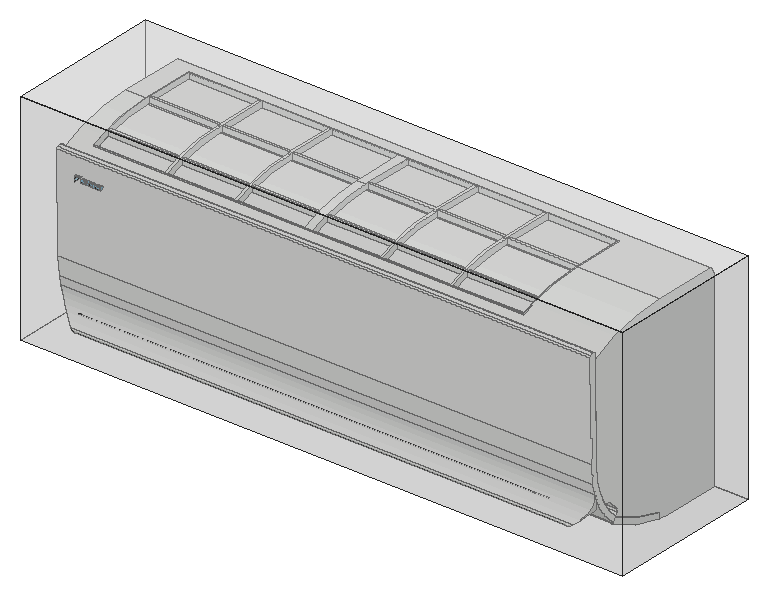
Revit family "outputfile", category 機械設備, Revit 2024
Family settings
  丸型コネクタ寸法 = 半径を使用
  パーツ タイプ = 標準
  OmniClass 番号 = 23.75.10.24.21.27.27
  OmniClass タイトル = Split System Air Conditioning Units
  作業面ベース = いいえ
  常に垂直 = はい
  ロード時にボイドで切り取り = いいえ
  注釈の向きを維持 = いいえ
  共有 = いいえ
  部屋計算ポイント = いいえ
Parameters (values of type "FTKQ18XV2S")
  Description = ""
  製造元 = "Daikin"
  書き出し IFC クラス(タイプ) = "IfcUnitaryEquipmentType"
  定義済み IFC タイプ(タイプ) = "AIRCONDITIONINGUNIT"
  Cost = 0
  モデル = "FTKQ18XV2S"
  Type Comments = ""
  Keynote = ""
  Type Image = (empty or 0)
  Assembly Code = ""
  switch_frequency = yes
  r_Liquid Pipe Size = Liquid Pipe Size / 2  # 3.2 mm
  r_Gas Pipe Size = Gas Pipe Size / 2  # 6.35 mm
  r_Drain Pipe Size = Drain Pipe Size / 2  # 8.0 mm
  lw_powersupply [instance] = if(or(Right Connection_refrigerant, Left Connection_refrigerant), 348.0 mm, if(or(Rear Right Connection_refrigerant, Bottom Right Connection_refrigerant), 30.0 mm, 740.0 mm))  # 348.0 mm
  lw_liquidpipe [instance] = if(or(Right Connection_refrigerant, Left Connection_refrigerant), 433.0 mm, if(or(Rear Right Connection_refrigerant, Bottom Right Connection_refrigerant), 40.0 mm, 730.0 mm))  # 433.0 mm
  lw_gaspipe [instance] = if(or(Right Connection_refrigerant, Left Connection_refrigerant), 393.0 mm, if(or(Rear Right Connection_refrigerant, Bottom Right Connection_refrigerant), 55.0 mm, 715.0 mm))  # 393.0 mm
  lw_drainpipe [instance] = if(or(Right Connection_refrigerant, Left Connection_refrigerant), 488.0 mm, if(or(Rear Right Connection_refrigerant, Bottom Right Connection_refrigerant), 55.0 mm, 715.0 mm))  # 488.0 mm
  l_powersupply_length [instance] = if(Right Connection_refrigerant, 348.0 mm, if(Left Connection_refrigerant, 422.0 mm, if(or(Rear Left Connection_refrigerant, Rear Right Connection_refrigerant), 20.0 mm, 50.0 mm)))  # 348.0 mm
  l_liquidpipe_length [instance] = if(Right Connection_refrigerant, 433.0 mm, if(Left Connection_refrigerant, 337.0 mm, if(or(Rear Left Connection_refrigerant, Rear Right Connection_refrigerant), 40.0 mm, 35.0 mm)))  # 433.0 mm
  l_gaspipe_length [instance] = if(Right Connection_refrigerant, 393.0 mm, if(Left Connection_refrigerant, 377.0 mm, if(or(Rear Left Connection_refrigerant, Rear Right Connection_refrigerant), 40.0 mm, 50.0 mm)))  # 393.0 mm
  l_drainpipe_length [instance] = if(Right Connection_refrigerant, 488.0 mm, if(Left Connection_refrigerant, 282.0 mm, if(or(Rear Left Connection_refrigerant, Rear Right Connection_refrigerant), 20.0 mm, 25.0 mm)))  # 488.0 mm
  h*** = 0.0 mm  # constant formula
  connector_voltage = Voltage_50Hz  # 220 V
  connector_powerinput = [Power Input (Cooling)]  # 0.000 kW
  connector_phase = Phase_50Hz  # 1
  angle_vertical [instance] = if(or(Bottom Left Connection_refrigerant, Bottom Right Connection_refrigerant), 0.00°, 90.00°)  # 90.00°
  angle_horizontal [instance] = if(Right Connection_refrigerant, 90.00°, if(Left Connection_refrigerant, -90.00°, if(or(Rear Left Connection_refrigerant, Rear Right Connection_refrigerant), 180.00°, 0.00°)))  # 90.00°
  Width = 770.0 mm
  Voltage_comment_50Hz = "220 - 240"
  Voltage_50Hz = 220 V
  Version = "ver.1.0"
  Unit Type = "Wall Mounted"
  Unit Mass Weight = 9.00 kg
  Unit Designation [instance] = ""
  Uniclass2015Version = "Products v1.30"
  Uniclass2015Title = "Split coil room air conditioning units"
  Uniclass2015Code = "Pr_70_65_03_86"
  URL = ""
  Total Cooling Capacity [instance] = 0.000 kW
  Sound Pressure Level_M speed (dBA) = 40
  Sound Pressure Level_L speed (dBA) = 35
  Sound Pressure Level_H speed (dBA) = 44
  Sound Power Level_H speed (dB) = 0
  Series = "Single Split_Fan Coil Unit"
  Sensible Cooling Capacity [instance] = 0.000 kW
  Refrigerant Type = "R32"
  Power Input (Cooling) = 0.000 kW
  Phase_50Hz = 1
  Option Accessory 3 [instance] = ""
  Option Accessory 2 [instance] = ""
  Option Accessory 1 [instance] = ""
  Nominal Cooling Capacity = 5.300 kW
  Minimum Circuit Amps_50Hz = 0.0 A
  Minimum Airflow = 516.00 m³/h
  Median Airflow = 636.00 m³/h
  Maximum Fuse Amps_50Hz = 0.0 A
  Maximum Airflow = 774.00 m³/h
  Material_Casing = DAIKIN_PureWhite_Casing_indoorunit
  Load Classification = HVAC
  Liquid Pipe Size = 6.4 mm
  Link_Nested Family [instance] = ""
  IfcVersion = ""
  IfcExportType = "AIRCONDITIONINGUNIT"
  IfcExportAs = "IfcUnitaryEquipmentType"
  Height = 285.0 mm
  Heat Exchanger Type = "Cross Fin Coil"
  Gas Pipe Size = 12.7 mm
  Frequency_50Hz = 50 Hz
  Fan Type = "Cross Flow Fan"
  Fan Drive = "Direct Drive"
  FCU Tag No. [instance] = ""
  Drain Pipe Size = 16.0 mm
  Design Supply Airflow [instance] = 0.00 m³/h
  Depth = 226.0 mm
  既定の高さ = 0.0 mm
  Cooling Entering Wet Bulb Temperature [instance] = 0.00 °C
  Cooling Entering Dry Bulb Temperature [instance] = 0.00 °C
  Cooling Ambient Wet Bulb Temperature [instance] = 0.00 °C
  Cooling Ambient Dry Bulb Temperature [instance] = 0.00 °C
  Clearance visibility [instance] = yes
  Clearance Top = 30.0 mm
  Clearance Right = 50.0 mm
  Clearance Rear = 0.0 mm
  Clearance Left = 50.0 mm
  Clearance Front = 0.0 mm
  Clearance Bottom = 0.0 mm
  Bottom Right Connection_refrigerant [instance] = no
  Bottom Left Connection_refrigerant [instance] = no
  Rear Right Connection_refrigerant [instance] = no
  Rear Left Connection_refrigerant [instance] = no
  Right Connection_refrigerant [instance] = yes
  Left Connection_refrigerant [instance] = no
Reference planes
  plane 1 "Back": y = 0
  plane 2: z = 0
  plane 3 "Center (Left/Right)": x = 0
  plane 4: y = -133
  plane 5: y = -266
  plane 6 "Left": x = -385
  plane 7 "Right": x = 385
  plane 8 "Top": z = 0
  plane 9: y = 0
  plane 10: z = -285
  plane 11 "Clearance Front": y = -226
  plane 12 "Bottom": z = -285
  plane 13: z = -285
  plane 14: z = 30
  plane 15 "Front": y = -226
  plane 16 "Clearance Rear": y = 0
  plane 17: x = -8
  plane 18: x = -48
  plane 19: x = -103
  plane 20: y = -40
  plane 21: y = -20
  plane 22: x = 37
  plane 23: x = -435
  plane 24: x = 435
  plane 25: x = 337
Forms (mm)
  Extrusion 1, solid, material "DAIKIN_PureWhite_Casing_indoorunit" <- "Material_Casing", not visible
    sketch origin (-379, 1296.25, 1210) x (0, 1, 0) y (0, 0, 1)
      loop
        line (-1296.25, -1427) -> (-1326.25, -1427)
        arc (-1326.25, -1427) -> (-1340.393, -1432.858) -> (-1346.25, -1447) r 20
        line (-1346.25, -1447) -> (-1346.25, -1467)
        arc (-1346.25, -1467) -> (-1340.393, -1481.142) -> (-1326.25, -1487) r 20
        line (-1326.25, -1487) -> (-1296.25, -1487) -> (-1296.25, -1427)
    from 759 to 764
  Extrusion 2, solid, material "DAIKIN_PureWhite_Casing_indoorunit" <- "Material_Casing"
    sketch origin (-495, 1156.25, 1200) x (0, 1, 0) y (0, 0, 1)
      loop
        line (-1156.25, -1485) -> (-1156.25, -1208.5) -> (-1161.25, -1200) -> (-1254.25, -1200)
        arc (-1254.25, -1200) -> (-1314.413, -1207.347) -> (-1371.039, -1228.956) r 250
        arc (-1371.039, -1228.956) -> (-1370.963, -1294.87) -> (-1368.901, -1360.751) r 2186.827
        arc (-1368.901, -1360.751) -> (-1367.931, -1373.599) -> (-1366.216, -1386.369) r 221.844
        arc (-1366.216, -1386.369) -> (-1361.341, -1405) -> (-1353.083, -1422.397) r 103
        line (-1353.083, -1422.397) -> (-1345.22, -1422.397)
        arc (-1345.22, -1422.397) -> (-1343.826, -1422.741) -> (-1342.751, -1423.693) r 3
        arc (-1342.751, -1423.693) -> (-1337.001, -1431.196) -> (-1330.533, -1438.09) r 95
        arc (-1330.533, -1438.09) -> (-1329.645, -1439.831) -> (-1330.018, -1441.749) r 3
        line (-1330.018, -1441.749) -> (-1332.498, -1446.044)
        arc (-1332.498, -1446.044) -> (-1295.066, -1463.723) -> (-1255.079, -1474.437) r 231
        arc (-1255.079, -1474.437) -> (-1254.485, -1474.778) -> (-1254.25, -1475.422) r 1
        line (-1254.25, -1475.422) -> (-1254.25, -1483.703)
        arc (-1254.25, -1483.703) -> (-1250.776, -1484.245) -> (-1247.294, -1484.736) r 240
        arc (-1247.294, -1484.736) -> (-1245.313, -1484.934) -> (-1243.323, -1485) r 30
        line (-1243.323, -1485) -> (-1156.25, -1485)
    from 110 to 880
  Extrusion 3, solid, material "DAIKIN_PureWhite_Casing_indoorunit" <- "Material_Casing"
    sketch origin (-622.601, -1524, -230) x (-1, 0, 0) y (0, -1, 0)
      loop
        line (-996.615, -1494) -> (-996.615, -1524) -> (-936.615, -1524) -> (-936.615, -1494)
        arc (-936.615, -1494) -> (-942.473, -1479.858) -> (-956.615, -1474) r 20
        line (-956.615, -1474) -> (-976.615, -1474)
        arc (-976.615, -1474) -> (-990.757, -1479.858) -> (-996.615, -1494) r 20
      loop
        arc (-248.601, -1494) -> (-254.459, -1479.858) -> (-268.601, -1474) r 20
        line (-268.601, -1474) -> (-288.601, -1474)
        arc (-288.601, -1474) -> (-302.743, -1479.858) -> (-308.601, -1494) r 20
        line (-308.601, -1494) -> (-308.601, -1524) -> (-248.601, -1524) -> (-248.601, -1494)
    from -55 to -50
  Extrusion 4, solid, material "DAIKIN_PureWhite_Casing_indoorunit" <- "Material_Casing"
    sketch origin (0, 0, 10) x (1, 0, 0) y (0, 0, 1)
      loop
        circle (337, -250.5) r 32.5
      loop
        circle (-337, -250.5) r 32.5
    from 0 to 5
  Extrusion 5, solid, material "DAIKIN_PureWhite_Casing_indoorunit" <- "Material_Casing"
    sketch origin (489, 1296.25, 1210) x (0, 1, 0) y (0, 0, -1)
      loop
        line (-1296.25, 1427) -> (-1296.25, 1487) -> (-1326.25, 1487)
        arc (-1326.25, 1487) -> (-1340.393, 1481.142) -> (-1346.25, 1467) r 20
        line (-1346.25, 1467) -> (-1346.25, 1447)
        arc (-1346.25, 1447) -> (-1340.393, 1432.858) -> (-1326.25, 1427) r 20
        line (-1326.25, 1427) -> (-1296.25, 1427)
    from 869 to 874
  Extrusion 6, solid, material "DAIKIN_PureWhite_Casing_indoorunit" <- "Material_Casing"
    sketch origin (-385, 1156.25, 1200) x (0, 1, 0) y (0, 0, 1)
      loop
        arc (-1374.103, -1387.706) -> (-1361.832, -1423.213) -> (-1338.419, -1452.594) r 111
        arc (-1338.419, -1452.594) -> (-1337.834, -1452.764) -> (-1337.333, -1452.419) r 0.709
        line (-1337.333, -1452.419) -> (-1334.084, -1446.792)
        arc (-1334.084, -1446.792) -> (-1333.962, -1446.14) -> (-1334.274, -1445.556) r 1
        arc (-1334.274, -1445.556) -> (-1355.212, -1418.643) -> (-1366.216, -1386.369) r 103
        arc (-1366.216, -1386.369) -> (-1367.931, -1373.599) -> (-1368.901, -1360.751) r 221.844
        arc (-1368.901, -1360.751) -> (-1370.989, -1293.222) -> (-1370.99, -1225.661) r 2186.827
        arc (-1370.99, -1225.661) -> (-1370.93, -1221.937) -> (-1370.863, -1218.213) r 2192
        arc (-1370.863, -1218.213) -> (-1371.146, -1217.637) -> (-1371.78, -1217.535) r 0.7
        line (-1371.78, -1217.535) -> (-1377.538, -1219.406)
        arc (-1377.538, -1219.406) -> (-1378.425, -1219.99) -> (-1378.887, -1220.946) r 2
        arc (-1378.887, -1220.946) -> (-1379.035, -1290.894) -> (-1376.907, -1360.81) r 2149.92
        arc (-1376.907, -1360.81) -> (-1375.901, -1374.299) -> (-1374.103, -1387.706) r 229.911
    from 0 to 770
  Extrusion 7, solid, material "DAIKIN_PureWhite_Casing_indoorunit" <- "Material_Casing"
    sketch origin (-385, 1156.25, 1200) x (0, 1, 0) y (0, 0, 1)
      loop
        arc (-1336.569, -1454.09) -> (-1297.525, -1472.406) -> (-1255.834, -1483.439) r 240
        arc (-1255.834, -1483.439) -> (-1255.428, -1483.328) -> (-1255.25, -1482.946) r 0.5
        line (-1255.25, -1482.946) -> (-1255.25, -1475.422)
        arc (-1255.25, -1475.422) -> (-1295.171, -1464.749) -> (-1332.564, -1447.164) r 232
        arc (-1332.564, -1447.164) -> (-1332.945, -1447.112) -> (-1333.249, -1447.346) r 0.5
        line (-1333.249, -1447.346) -> (-1336.741, -1453.393)
        arc (-1336.741, -1453.393) -> (-1336.802, -1453.778) -> (-1336.569, -1454.09) r 0.5
    from 0 to 770
  Extrusion 8, solid, material "DAIKIN_PureWhite_Casing_indoorunit" <- "Material_Casing"
    sketch origin (-385, 1156.25, 1200) x (0, 1, 0) y (0, 0, 1)
      loop
        arc (-1371.046, -1401.088) -> (-1370.514, -1423.975) -> (-1381.552, -1444.032) r 44
        arc (-1381.552, -1444.032) -> (-1382.188, -1446.32) -> (-1380.625, -1448.108) r 2.5
        arc (-1380.625, -1448.108) -> (-1367.897, -1451.601) -> (-1354.751, -1452.778) r 74
        line (-1354.751, -1452.778) -> (-1338.211, -1452.778)
        arc (-1338.211, -1452.778) -> (-1358.264, -1429.242) -> (-1371.046, -1401.088) r 111
    from 0 to 770
  Extrusion 9, solid, material "DAIKIN_PureWhite_Casing_indoorunit" <- "Material_Casing"
    sketch origin (-385, 1156.25, 1200) x (0, 1, 0) y (0, 0, 1)
      loop
        line (-1254.32, -1208) -> (-1177.85, -1208) -> (-1177.85, -1200) -> (-1254.25, -1200)
        arc (-1254.25, -1200) -> (-1302.879, -1204.775) -> (-1349.65, -1218.918) r 250
        line (-1349.65, -1218.918) -> (-1349.65, -1227.568)
        arc (-1349.65, -1227.568) -> (-1302.979, -1212.942) -> (-1254.32, -1208) r 242
    from 29.359 to 650.764
  Extrusion 10, void
    sketch origin (-385, 1156.25, 1200) x (0, 1, 0) y (0, 0, 1)
      loop
        line (-1349.65, -1215.676) -> (-1349.65, -1227.568)
        arc (-1349.65, -1227.568) -> (-1302.979, -1212.942) -> (-1254.32, -1208) r 242
        line (-1254.32, -1208) -> (-1177.85, -1208) -> (-1177.85, -1197) -> (-1254.25, -1197)
        arc (-1254.25, -1197) -> (-1302.856, -1201.713) -> (-1349.65, -1215.676) r 253
    from 29.359 to 650.764
  Extrusion 11, void
    sketch origin (-610.615, -1524, -240) x (-1, 0, 0) y (0, -1, 0)
      loop
        line (-255.68, -1501.684) -> (-255.68, -1432.659) -> (-357.948, -1432.659) -> (-357.948, -1501.684) -> (-255.68, -1501.684)
      loop
        line (-361.28, -1501.684) -> (-361.28, -1432.659) -> (-459.048, -1432.659) -> (-459.048, -1501.684) -> (-361.28, -1501.684)
      loop
        line (-255.68, -1429.341) -> (-255.68, -1358.741) -> (-357.948, -1358.741) -> (-357.948, -1429.341) -> (-255.68, -1429.341)
      loop
        line (-255.68, -1356.618) -> (-255.68, -1331.319) -> (-357.948, -1331.319) -> (-357.948, -1356.618) -> (-255.68, -1356.618)
      loop
        line (-361.274, -1429.341) -> (-361.274, -1358.741) -> (-459.048, -1358.741) -> (-459.048, -1429.341) -> (-361.274, -1429.341)
      loop
        line (-361.274, -1356.618) -> (-361.274, -1331.319) -> (-459.048, -1331.319) -> (-459.048, -1356.618) -> (-361.274, -1356.618)
      loop
        line (-462.312, -1501.684) -> (-462.312, -1432.659) -> (-559.622, -1432.659) -> (-559.622, -1501.684) -> (-462.312, -1501.684)
      loop
        line (-462.306, -1429.341) -> (-462.306, -1358.741) -> (-559.622, -1358.741) -> (-559.622, -1429.341) -> (-462.306, -1429.341)
      loop
        line (-462.306, -1356.618) -> (-462.306, -1331.319) -> (-559.622, -1331.319) -> (-559.622, -1356.618) -> (-462.306, -1356.618)
      loop
        line (-571.622, -1501.684) -> (-571.622, -1432.659) -> (-668.931, -1432.659) -> (-668.931, -1501.684) -> (-571.622, -1501.684)
      loop
        line (-672.311, -1501.684) -> (-672.311, -1432.659) -> (-770.079, -1432.659) -> (-770.079, -1501.684) -> (-672.311, -1501.684)
      loop
        line (-571.622, -1429.341) -> (-571.622, -1358.741) -> (-668.925, -1358.741) -> (-668.925, -1429.341) -> (-571.622, -1429.341)
      loop
        line (-571.622, -1356.618) -> (-571.622, -1331.319) -> (-668.925, -1331.319) -> (-668.925, -1356.618) -> (-571.622, -1356.618)
      loop
        line (-672.311, -1429.341) -> (-672.311, -1358.741) -> (-770.079, -1358.741) -> (-770.079, -1429.341) -> (-672.311, -1429.341)
      loop
        line (-672.311, -1356.618) -> (-672.311, -1331.319) -> (-770.079, -1331.319) -> (-770.079, -1356.618) -> (-672.311, -1356.618)
      loop
        line (-773.411, -1501.684) -> (-773.411, -1432.659) -> (-875.679, -1432.659) -> (-875.679, -1501.684) -> (-773.411, -1501.684)
      loop
        line (-773.411, -1429.341) -> (-773.411, -1358.741) -> (-875.679, -1358.741) -> (-875.679, -1429.341) -> (-773.411, -1429.341)
      loop
        line (-773.411, -1356.618) -> (-773.411, -1331.319) -> (-875.679, -1331.319) -> (-875.679, -1356.618) -> (-773.411, -1356.618)
    from 208.902 to 245
  Extrusion 12, void
    sketch origin (-385, 1156.25, 1200) x (0, 1, 0) y (0, 0, 1)
      loop
        arc (-1339.36, -1455.929) -> (-1309.531, -1470.929) -> (-1277.928, -1481.699) r 243
        line (-1277.928, -1481.699) -> (-1275.103, -1471.068)
        arc (-1275.103, -1471.068) -> (-1305.332, -1460.762) -> (-1333.859, -1446.402) r 232
        line (-1333.859, -1446.402) -> (-1339.36, -1455.929)
    from 47 to 652
  Extrusion 13, solid, material "DAIKIN_PureWhite_Casing_indoorunit" <- "Material_Casing"
    sketch origin (-385, 1156.25, 1200) x (0, 1, 0) y (0, 0, 1)
      loop
        arc (-1336.998, -1453.838) -> (-1307.924, -1468.349) -> (-1277.157, -1478.8) r 240
        line (-1277.157, -1478.8) -> (-1275.103, -1471.068)
        arc (-1275.103, -1471.068) -> (-1304.871, -1460.955) -> (-1332.998, -1446.91) r 232
        line (-1332.998, -1446.91) -> (-1336.998, -1453.838)
    from 52.507 to 648.507
  Extrusion 14, void
    sketch origin (0, 0, 0) x (1, 0, 0) y (0, 0, 1)
      loop
        line (-395, -201.088) -> (-395, -259.424) -> (-333.271, -259.424) -> (-333.271, -252.778)
        arc (-333.271, -252.778) -> (-369.835, -237.641) -> (-385, -201.088) r 51.729
        line (-385, -201.088) -> (-395, -201.088)
    from 118.853 to 250
  Extrusion 15, void
    sketch origin (0, 0, 0) x (1, 0, 0) y (0, 0, 1)
      loop
        arc (385, -200.608) -> (369.72, -237.498) -> (332.829, -252.778) r 52.171
        line (332.829, -252.778) -> (332.829, -262.778) -> (392.829, -262.778) -> (392.829, -192.778) -> (385, -192.778) -> (385, -200.608)
    from 140.894 to 250
Cuts and joins
  Extrusion 10 cuts Extrusion 2
  Extrusion 11 cuts Extrusion 9
  Extrusion 12 cuts Extrusion 7
  Extrusion 14, Extrusion 15 cuts Extrusion 8
Lines and regions (mm)
  reference lines
    curve 1: line (-395.5, -222.696, -45.45) -> (-395.5, -222.696, -55.45)
Dimensions and locks
  equal spacing: plane 6 "Left", plane 3 "Center (Left/Right)", plane 7 "Right"
  "Width": plane 6 "Left" to plane 7 "Right"
  level to plane 10 = 285.0 mm
  locked: Extrusion 4 sketch curve to plane 6 "Left" at 48
  locked: plane 7 "Right" to Extrusion 4 sketch curve at 48
  locked: plane 8 "Top" to Extrusion 4 sketch curve at 240.5  (x2)
  locked: plane 6 "Left" to Extrusion 3 sketch curve at 11
  locked: Extrusion 3 sketch curve to Extrusion 3 sketch curve at 60  (x2)
  locked: Extrusion 3 sketch curve to plane 7 "Right" at 10.986
  "Height": plane 8 "Top" to plane 12 "Bottom"
  "Clearance Top": plane 14 to plane 8 "Top"
  "Clearance Bottom": plane 12 "Bottom" to plane 13
  "Depth": plane 15 "Front" to plane 1 "Back"
  "Clearance Front": plane 15 "Front" to plane 11 "Clearance Front"
  "Clearance Rear": plane 16 "Clearance Rear" to plane 1 "Back"
  locked: plane 1 "Back" to plane 20 at 40
  locked: plane 1 "Back" to plane 21 at 20
  "Clearance Left": plane 23 to plane 6 "Left"
  "Clearance Right": plane 7 "Right" to plane 24
  "lw_powersupply": plane 22 to plane 7 "Right"
  locked: plane 25 to plane 7 "Right" at 48
  "lw_gaspipe": plane 17 to plane 7 "Right"
  "lw_liquidpipe": plane 18 to plane 7 "Right"
  "lw_drainpipe": plane 19 to plane 7 "Right"
  aligned and locked: level to plane 2
  aligned and locked: nested 2 to curve 1
  aligned and locked: plane 7 "Right" to Extrusion 1
  aligned and locked: plane 19 to nested 3
  aligned and locked: plane 18 to nested 4
  aligned and locked: plane 22 to nested 5
  aligned and locked: plane 17 to nested 6
  aligned and locked: nested 6 to plane 20
  aligned and locked: nested 4 to plane 20
  aligned and locked: nested 3 to plane 21
  aligned and locked: nested 5 to plane 21
  aligned and locked: nested 1 to plane 16 "Clearance Rear"
  aligned and locked: plane 11 "Clearance Front" to nested 1
  aligned and locked: nested 1 to plane 13
  aligned and locked: nested 1 to plane 14
  aligned and locked: nested 1 to plane 23
  aligned and locked: plane 24 to nested 1
Automatic sketch dimensions
  Extrusion 1 sketch curve to plane 1 "Back" = 0.0 mm
  plane 1 "Back" to Extrusion 1 sketch curve = 30.0 mm  (x2)
  Extrusion 1 sketch curve to Extrusion 1 sketch curve = 20.0 mm  (x2)
  Extrusion 1 sketch curve to level = 277.0 mm
  Extrusion 2 sketch curve to Extrusion 2 sketch curve = 0.0 mm  (x8)
  Extrusion 2 sketch curve to level = 0.0 mm
  Extrusion 2 sketch curve to plane 10 = 0.0 mm
  Extrusion 2 sketch curve to plane 1 "Back" = 0.0 mm
  plane 1 "Back" to Extrusion 2 sketch curve = 5.0 mm
  plane 1 "Back" to Extrusion 2 sketch curve = 59.278 mm
  plane 4 to Extrusion 2 sketch curve = 45.927 mm
  plane 10 to Extrusion 2 sketch curve = 1.297 mm
  Extrusion 2 sketch curve to Extrusion 2 sketch curve = 10.927 mm
  plane 4 to Extrusion 2 sketch curve = 35.0 mm
  Extrusion 2 sketch curve to Extrusion 2 sketch curve = 1.0 mm
  plane 4 to Extrusion 2 sketch curve = 24.681 mm
  Extrusion 2 sketch curve to plane 4 = 40.768 mm
  Extrusion 2 sketch curve to Extrusion 2 sketch curve = 2.48 mm
  Extrusion 2 sketch curve to Extrusion 2 sketch curve = 2.598 mm
  Extrusion 2 sketch curve to Extrusion 2 sketch curve = 12.604 mm
  Extrusion 2 sketch curve to Extrusion 2 sketch curve = 7.862 mm
  Extrusion 2 sketch curve to plane 1 "Back" = 8.955 mm
  Extrusion 2 sketch curve to level = 59.408 mm
  Extrusion 2 sketch curve to Extrusion 2 sketch curve = 1962.872 mm
  Extrusion 2 sketch curve to Extrusion 2 sketch curve = 8.281 mm
  Extrusion 2 sketch curve to Extrusion 2 sketch curve = 20.422 mm
  Extrusion 2 sketch curve to Extrusion 2 sketch curve = 5.0 mm
  plane 10 to Extrusion 2 sketch curve = 38.956 mm
  Extrusion 2 sketch curve to Extrusion 2 sketch curve = 4.295 mm
  Extrusion 2 sketch curve to Extrusion 2 sketch curve = 1.5 mm
  Extrusion 2 sketch curve to Extrusion 2 sketch curve = 14.851 mm
  Extrusion 2 sketch curve to Extrusion 2 sketch curve = 3.0 mm
  Extrusion 2 sketch curve to Extrusion 2 sketch curve = 80.275 mm
  Extrusion 2 sketch curve to Extrusion 2 sketch curve = 19.254 mm
  Extrusion 2 sketch curve to level = 46.847 mm
  Extrusion 2 sketch curve to level = 8.5 mm
  Extrusion 2 sketch curve to Extrusion 2 sketch curve = 13.133 mm
  plane 1 "Back" to Extrusion 3 sketch curve = 0.0 mm  (x2)
  Extrusion 3 sketch curve to Extrusion 3 sketch curve = 20.0 mm  (x4)
  plane 1 "Back" to Extrusion 3 sketch curve = 30.0 mm  (x2)
  Extrusion 5 sketch curve to plane 1 "Back" = 0.0 mm
  plane 1 "Back" to Extrusion 5 sketch curve = 30.0 mm  (x2)
  Extrusion 5 sketch curve to Extrusion 5 sketch curve = 20.0 mm  (x2)
  Extrusion 5 sketch curve to level = 217.0 mm
  Extrusion 6 sketch curve to Extrusion 6 sketch curve = 0.0 mm  (x5)
  Extrusion 6 sketch curve to level = 19.406 mm
  Extrusion 6 sketch curve to Extrusion 6 sketch curve = 1.349 mm
  Extrusion 6 sketch curve to Extrusion 6 sketch curve = 0.618 mm
  Extrusion 6 sketch curve to level = 17.535 mm
  Extrusion 6 sketch curve to Extrusion 6 sketch curve = 5.759 mm
  Extrusion 6 sketch curve to Extrusion 6 sketch curve = 0.217 mm
  Extrusion 6 sketch curve to plane 4 = 48.697 mm
  Extrusion 6 sketch curve to Extrusion 6 sketch curve = 0.614 mm
  Extrusion 6 sketch curve to Extrusion 6 sketch curve = 2.997 mm
  Extrusion 6 sketch curve to Extrusion 6 sketch curve = 0.866 mm
  plane 4 to Extrusion 6 sketch curve = 24.681 mm
  Extrusion 6 sketch curve to plane 1 "Back" = 8.955 mm
  Extrusion 6 sketch curve to Extrusion 6 sketch curve = 0.067 mm
  Extrusion 6 sketch curve to level = 60.455 mm
  Extrusion 6 sketch curve to Extrusion 6 sketch curve = 44.907 mm
  Extrusion 6 sketch curve to Extrusion 6 sketch curve = 5.173 mm
  Extrusion 6 sketch curve to level = 150.462 mm
  Extrusion 6 sketch curve to Extrusion 6 sketch curve = 0.008 mm
  Extrusion 6 sketch curve to Extrusion 6 sketch curve = 19.254 mm
  Extrusion 6 sketch curve to Extrusion 6 sketch curve = 76.567 mm
  Extrusion 6 sketch curve to Extrusion 6 sketch curve = 0.5 mm
  Extrusion 6 sketch curve to Extrusion 6 sketch curve = 5.772 mm
  Extrusion 6 sketch curve to Extrusion 6 sketch curve = 1.017 mm
  Extrusion 6 sketch curve to Extrusion 6 sketch curve = 0.03 mm
  Extrusion 6 sketch curve to Extrusion 6 sketch curve = 0.665 mm
  plane 5 to Extrusion 6 sketch curve = 45.344 mm
  Extrusion 6 sketch curve to Extrusion 6 sketch curve = 5.93 mm
  Extrusion 6 sketch curve to Extrusion 6 sketch curve = 7.888 mm
  Extrusion 7 sketch curve to plane 4 = 47.49 mm
  Extrusion 7 sketch curve to Extrusion 7 sketch curve = 0.424 mm
  Extrusion 7 sketch curve to Extrusion 7 sketch curve = 3.491 mm
  Extrusion 7 sketch curve to Extrusion 7 sketch curve = 0.433 mm
  plane 4 to Extrusion 7 sketch curve = 33.5 mm
  Extrusion 7 sketch curve to Extrusion 7 sketch curve = 0.5 mm
  plane 1 "Back" to Extrusion 7 sketch curve = 59.278 mm
  Extrusion 7 sketch curve to Extrusion 7 sketch curve = 0.0 mm  (x4)
  Extrusion 7 sketch curve to level = 282.946 mm
  Extrusion 7 sketch curve to Extrusion 7 sketch curve = 7.524 mm
  Extrusion 7 sketch curve to Extrusion 7 sketch curve = 21.764 mm
  Extrusion 7 sketch curve to Extrusion 7 sketch curve = 0.265 mm
  Extrusion 7 sketch curve to Extrusion 7 sketch curve = 6.062 mm
  Extrusion 7 sketch curve to Extrusion 7 sketch curve = 0.25 mm
  Extrusion 7 sketch curve to level = 46.848 mm
  Extrusion 7 sketch curve to Extrusion 7 sketch curve = 0.084 mm
  plane 5 to Extrusion 8 sketch curve = 8.997 mm
  plane 5 to Extrusion 8 sketch curve = 42.5 mm
  Extrusion 8 sketch curve to Extrusion 8 sketch curve = 25.0 mm
  Extrusion 8 sketch curve to Extrusion 8 sketch curve = 16.54 mm
  plane 4 to Extrusion 8 sketch curve = 24.681 mm
  Extrusion 8 sketch curve to level = 252.778 mm
  Extrusion 8 sketch curve to Extrusion 8 sketch curve = 7.013 mm
  Extrusion 8 sketch curve to Extrusion 8 sketch curve = 32.246 mm
  Extrusion 8 sketch curve to Extrusion 8 sketch curve = 34.741 mm
  Extrusion 8 sketch curve to Extrusion 8 sketch curve = 9.054 mm
  Extrusion 8 sketch curve to Extrusion 8 sketch curve = 1.801 mm
  Extrusion 8 sketch curve to Extrusion 8 sketch curve = 0.0 mm  (x2)
  Extrusion 8 sketch curve to Extrusion 8 sketch curve = 16.296 mm
  Extrusion 9 sketch curve to level = 0.0 mm
  Extrusion 9 sketch curve to level = 18.918 mm
  Extrusion 9 sketch curve to plane 4 = 60.4 mm
  Extrusion 9 sketch curve to level = 8.0 mm
  plane 4 to Extrusion 9 sketch curve = 34.93 mm
  Extrusion 9 sketch curve to Extrusion 9 sketch curve = 0.07 mm
  plane 1 "Back" to Extrusion 9 sketch curve = 21.6 mm
  Extrusion 9 sketch curve to Extrusion 9 sketch curve = 0.0 mm
  Extrusion 10 sketch curve to level = 27.568 mm
  Extrusion 10 sketch curve to plane 4 = 60.4 mm
  plane 4 to Extrusion 10 sketch curve = 34.93 mm
  level to Extrusion 10 sketch curve = 3.0 mm
  Extrusion 10 sketch curve to Extrusion 10 sketch curve = 0.07 mm
  plane 1 "Back" to Extrusion 10 sketch curve = 21.6 mm
  Extrusion 10 sketch curve to Extrusion 10 sketch curve = 222.432 mm
  Extrusion 10 sketch curve to Extrusion 10 sketch curve = 0.0 mm
  plane 4 to Extrusion 11 sketch curve = 38.341 mm
  Extrusion 11 sketch curve to plane 7 "Right" = 119.936 mm
  Extrusion 11 sketch curve to Extrusion 11 sketch curve = 0.0 mm  (x22)
  plane 1 "Back" to Extrusion 11 sketch curve = 22.316 mm  (x3)
  Extrusion 11 sketch curve to Extrusion 11 sketch curve = 102.268 mm
  Extrusion 11 sketch curve to Extrusion 11 sketch curve = 3.332 mm  (x3)
  plane 3 "Center (Left/Right)" to Extrusion 11 sketch curve = 61.696 mm  (x2)
  Extrusion 11 sketch curve to Extrusion 11 sketch curve = 3.38 mm
  Extrusion 11 sketch curve to Extrusion 11 sketch curve = 3.386 mm
  Extrusion 11 sketch curve to Extrusion 11 sketch curve = 0.006 mm  (x3)
  Extrusion 11 sketch curve to plane 3 "Center (Left/Right)" = 38.993 mm  (x2)
  Extrusion 11 sketch curve to Extrusion 11 sketch curve = 12.0 mm  (x2)
  plane 4 to Extrusion 11 sketch curve = 41.659 mm  (x3)
  Extrusion 11 sketch curve to Extrusion 11 sketch curve = 97.309 mm
  Extrusion 11 sketch curve to plane 4 = 32.259 mm  (x4)
  Extrusion 11 sketch curve to Extrusion 11 sketch curve = 3.264 mm
  Extrusion 11 sketch curve to Extrusion 11 sketch curve = 3.258 mm  (x2)
  Extrusion 11 sketch curve to Extrusion 11 sketch curve = 97.768 mm
  Extrusion 11 sketch curve to Extrusion 11 sketch curve = 3.326 mm
  plane 6 "Left" to Extrusion 11 sketch curve = 30.066 mm
  Extrusion 11 sketch curve to Extrusion 11 sketch curve = 3.317 mm  (x5)
  Extrusion 11 sketch curve to Extrusion 11 sketch curve = 2.124 mm  (x6)
  Extrusion 11 sketch curve to Extrusion 11 sketch curve = 25.299 mm  (x5)
  plane 4 to Extrusion 12 sketch curve = 11.323 mm
  Extrusion 12 sketch curve to Extrusion 12 sketch curve = 2.825 mm
  Extrusion 12 sketch curve to Extrusion 12 sketch curve = 0.0 mm  (x2)
  Extrusion 12 sketch curve to level = 281.699 mm
  Extrusion 12 sketch curve to Extrusion 12 sketch curve = 10.631 mm
  Extrusion 13 sketch curve to plane 4 = 47.748 mm
  Extrusion 13 sketch curve to Extrusion 13 sketch curve = 4.0 mm
  plane 4 to Extrusion 13 sketch curve = 12.093 mm
  Extrusion 13 sketch curve to Extrusion 13 sketch curve = 2.054 mm
  plane 1 "Back" to Extrusion 13 sketch curve = 59.278 mm
  Extrusion 13 sketch curve to Extrusion 13 sketch curve = 0.0 mm
  Extrusion 13 sketch curve to level = 278.8 mm
  Extrusion 13 sketch curve to Extrusion 13 sketch curve = 7.732 mm
  Extrusion 13 sketch curve to Extrusion 13 sketch curve = 17.23 mm
  Extrusion 13 sketch curve to Extrusion 13 sketch curve = 6.928 mm
  Extrusion 12 sketch curve to plane 4 = 50.109 mm
  plane 1 "Back" to Extrusion 12 sketch curve = 59.278 mm
  Extrusion 12 sketch curve to Extrusion 12 sketch curve = 15.14 mm
  Extrusion 12 sketch curve to Extrusion 12 sketch curve = 5.5 mm
  Extrusion 14 sketch curve to plane 6 "Left" = 10.0 mm
  plane 6 "Left" to Extrusion 14 sketch curve = 0.0 mm
  plane 7 "Right" to Extrusion 15 sketch curve = 7.829 mm
  Extrusion 15 sketch curve to plane 7 "Right" = 0.0 mm
  Extrusion 6 sketch curve to plane 4 = 87.67 mm
  Extrusion 6 sketch curve to Extrusion 6 sketch curve = 1.902 mm
  Extrusion 6 sketch curve to Extrusion 6 sketch curve = 2.804 mm
  plane 6 "Left" to Extrusion 14 sketch curve = 51.729 mm
  Extrusion 14 sketch curve to Extrusion 14 sketch curve = 6.646 mm
  Extrusion 15 sketch curve to Extrusion 15 sketch curve = 10.0 mm
  Extrusion 14 sketch curve to level = 259.424 mm
  Extrusion 14 sketch curve to Extrusion 14 sketch curve = 58.337 mm
  Extrusion 15 sketch curve to plane 7 "Right" = 52.171 mm
  Extrusion 15 sketch curve to level = 262.778 mm
  Extrusion 15 sketch curve to Extrusion 15 sketch curve = 7.829 mm
  plane 5 to curve 1 = 43.304 mm
  curve 1 to level = 55.45 mm
  curve 1 to curve 1 = 10.0 mm
  radius of Extrusion 4 sketch curve = 32.5 mm  (x2)
Nested families
  nested 1: "daikin_clearancespace" at (0, -113, -127.381), show <- "Clearance visibility", visible <- "Clearance visibility", Link_Nested Family <- "Link_Nested Family", type "daikin_clearancespace"
    with width 870.0 mm, show yes, height 315.0 mm, depth 226.0 mm, Link_Nested Family ""
  nested 2: "daikin_logo_plane_w40" at (-338, -222.696, -45) x (1, 0, 0) z (0, -1, 0), type "daikin_logo_plane_w40"
    with show_logo yes
  nested 3: "daikin_connector_rotate3" at (-103, -20, -260), angle_vertical <- "angle_vertical", angle_horizontal <- "angle_horizontal", length <- "l_drainpipe_length", radius <- "r_Drain Pipe Size", type "daikin_connector_rotate3"
    with show no, radius 8.0 mm, length 488.0 mm, angle_vertical 90.00°, angle_horizontal 90.00°
  nested 4: "daikin_connector_rotate3" at (-48, -40, -250), angle_vertical <- "angle_vertical", angle_horizontal <- "angle_horizontal", length <- "l_liquidpipe_length", radius <- "r_Liquid Pipe Size", type "daikin_connector_rotate3"
    with show no, radius 3.2 mm, length 433.0 mm, angle_vertical 90.00°, angle_horizontal 90.00°
  nested 5: "daikin_connector_rotate3" at (37, -20, -235), angle_vertical <- "angle_vertical", angle_horizontal <- "angle_horizontal", length <- "l_powersupply_length", type "daikin_connector_rotate3"
    with show no, radius 10.0 mm, length 348.0 mm, angle_vertical 90.00°, angle_horizontal 90.00°
  nested 6: "daikin_connector_rotate3" at (-8, -40, -235), angle_vertical <- "angle_vertical", angle_horizontal <- "angle_horizontal", length <- "l_gaspipe_length", radius <- "r_Gas Pipe Size", type "daikin_connector_rotate3"
    with show no, radius 6.35 mm, length 393.0 mm, angle_vertical 90.00°, angle_horizontal 90.00°
Connectors
  electrical at (385, -20, -235), driven by "Load Classification", driven by "connector_voltage", driven by "connector_phase", driven by "connector_powerinput"
    settings: on nested 5, index 1, voltage 220 V, apparent load 0 VA, apparent load phase1 0 VA, apparent load phase2 0 VA, apparent load phase3 0 VA, power factor 1, load classification "HVAC", number of poles 1, system type 30, power factor state 1, is connector primary yes, connector utility no, sub classification motor no, connector description "Power Supply"
  piping at (385, -20, -260), diameter 16, driven by "r_Drain Pipe Size"
    settings: on nested 3, index 2, connector inside diameter 609.6 mm, connector length 0.0 mm, flow factor 0, pipe flow 0.00 m³/h, pressure drop 0.0 Pa, fitting loss kfactor 0, connector angle 0.00°, fixture units 0, engagement length 0.0 mm, angle of deflection 0.00°, flow configuration 1, flow direction 2, fitting loss method 4, system type 16, joint type 0, gender type 0, connector reference index -1, connector utility 0, adjustable connector no, is connector primary yes, connector description "Condensate Drain Piping"
  piping at (385, -40, -235), diameter 12.7, driven by "r_Gas Pipe Size"
    settings: on nested 6, index 3, connector inside diameter 609.6 mm, connector length 0.0 mm, flow factor 0, pipe flow 0.00 m³/h, pressure drop 0.0 Pa, fitting loss kfactor 0, connector angle 0.00°, fixture units 0, engagement length 0.0 mm, angle of deflection 0.00°, flow configuration 1, flow direction 2, fitting loss method 0, system type 29, joint type 0, gender type 0, connector reference index -1, connector utility 0, adjustable connector no, is connector primary no, connector description "Refrigerant Gas Piping"
  piping at (385, -40, -250), diameter 6.4, driven by "r_Liquid Pipe Size"
    settings: on nested 4, index 4, connector inside diameter 609.6 mm, connector length 0.0 mm, flow factor 0, pipe flow 0.00 m³/h, pressure drop 0.0 Pa, fitting loss kfactor 0, connector angle 0.00°, fixture units 0, engagement length 0.0 mm, angle of deflection 0.00°, flow configuration 1, flow direction 1, fitting loss method 0, system type 29, joint type 0, gender type 0, connector reference index -1, connector utility 0, adjustable connector no, is connector primary no, connector description "Refrigerant Liquid Piping"
Definition of nested family "daikin_clearancespace"
  Parameters (values of type "daikin_clearancespace")
    Description = "daikin_clearancespace"
    width [instance] = 1823.963 mm
    show [instance] = yes
    material = none
    height [instance] = 1359.762 mm
    depth [instance] = 880.0 mm
    Default Elevation = 0.0 mm
    Link_Nested Family [instance] = ""
  Reference planes
    plane 1 "Center (Front/Back)": y = 0
    plane 2 "Center (Elevation)": z = -0.119
    plane 3 "Center (Left/Right)": x = 0
    plane 4: y = 440
    plane 5: y = -440
    plane 6 "Right": x = 911.982
    plane 7 "Left": x = -911.982
    plane 8 "Top": z = 679.762
    plane 9 "Bottom": z = -680
  Forms (mm)
    Extrusion 1, solid, material <- "material", visible <- "show"
      sketch origin (0, 0, 0) x (1, 0, 0) y (0, 1, 0)
        loop
          line (-911.982, 440) -> (-911.982, -440) -> (911.982, -440) -> (911.982, 440) -> (-911.982, 440)
      from -680 to 679.762
  Lines and regions (mm)
    symbolic lines, visible <- "show"
      curve 1: line (911.982, 440, 0) -> (-911.982, 440, 0)
      curve 2: line (-911.982, 440, 0) -> (-911.982, -440, 0)
      curve 3: line (-911.982, -440, 0) -> (911.982, -440, 0)
      curve 4: line (911.982, -440, 0) -> (911.982, 440, 0)
      curve 5: line (911.982, 0, 679.762) -> (-911.982, 0, 679.762)
      curve 6: line (911.982, 0, -680) -> (911.982, 0, 679.762)
      curve 7: line (-911.982, 0, -680) -> (911.982, 0, -680)
      curve 8: line (-911.982, 0, 679.762) -> (-911.982, 0, -680)
      curve 9: line (0, 440, 679.762) -> (0, -440, 679.762)
      curve 10: line (0, -440, 679.762) -> (0, -440, -680)
      curve 11: line (0, 440, -680) -> (0, 440, 679.762)
      curve 12: line (0, -440, -680) -> (0, 440, -680)
  Dimensions and locks
    "width": plane 7 "Left" to plane 6 "Right"
    "depth": plane 4 to plane 5
    "height": plane 8 "Top" to plane 9 "Bottom"
    equal spacing: plane 7 "Left", plane 3 "Center (Left/Right)", plane 6 "Right"
    equal spacing: plane 4, plane 1 "Center (Front/Back)", plane 5
    equal spacing: plane 8 "Top", plane 2 "Center (Elevation)", plane 9 "Bottom"
    aligned and locked: level to plane 2 "Center (Elevation)"
    aligned and locked: Extrusion 1 sketch curve to plane 4
    aligned and locked: plane 7 "Left" to Extrusion 1 sketch curve
    aligned and locked: Extrusion 1 sketch curve to plane 5
    aligned and locked: Extrusion 1 sketch curve to plane 6 "Right"
    aligned and locked: plane 8 "Top" to Extrusion 1
    aligned and locked: curve 1 to Extrusion 1
    aligned and locked: curve 2 to Extrusion 1
    aligned and locked: curve 3 to Extrusion 1
    aligned and locked: curve 4 to Extrusion 1
    aligned and locked: curve 5 to Extrusion 1
    aligned and locked: curve 6 to Extrusion 1
    aligned and locked: curve 7 to Extrusion 1
    aligned and locked: curve 8 to Extrusion 1
    aligned and locked: curve 9 to Extrusion 1
    aligned and locked: curve 10 to Extrusion 1
    aligned and locked: curve 11 to Extrusion 1
    aligned and locked: curve 12 to Extrusion 1
    aligned and locked: Extrusion 1 to plane 9 "Bottom"
Definition of nested family "daikin_logo_plane_w40"
  Parameters (values of type "daikin_logo_plane_w40")
    width = 40.0 mm
    show_logo [instance] = yes
    material = none
    height = 0.0 mm
    depth = 0.0 mm
    Default Elevation = 1219.2 mm
  Reference planes
    plane 1 "Center (Front/Back)": y = 0
    plane 2: z = 0
    plane 3 "Center (Left/Right)": x = 0
    plane 4: z = 2
    plane 5 "left": x = -19
    plane 6: x = 19
  Forms (mm)
    Extrusion 1, solid, visible <- "show_logo"
      sketch origin (-19, 0, 0) x (1, 0, 0) y (0, 1, 0)
        loop
          line (8.902, -1.878) -> (7.789, -6.332) -> (11.13, -6.332)
          arc (11.13, -6.332) -> (12.454, -6.064) -> (13.472, -5.176) r 2.642
          arc (13.472, -5.176) -> (13.92, -4.02) -> (13.767, -2.79) r 2.537
          arc (13.767, -2.79) -> (13.452, -2.342) -> (12.982, -2.06) r 1.321
          arc (12.982, -2.06) -> (12.063, -1.902) -> (11.13, -1.878) r 6.479
          line (11.13, -1.878) -> (8.902, -1.878)
        loop
          line (10.016, -5.441) -> (10.907, -5.441)
          arc (10.907, -5.441) -> (11.591, -4.983) -> (11.988, -4.261) r 1.742
          spline (11.988, -4.261) -> (12.01, -4.155) -> (12.027, -4.03) -> (12.037, -3.893) -> (12.037, -3.747) -> (12.026, -3.598) -> (12.002, -3.451) -> (11.962, -3.31) -> (11.905, -3.181) -> (11.829, -3.069) -> (11.731, -2.978) -> (11.61, -2.913) -> (11.464, -2.88)
          line (11.464, -2.88) -> (10.573, -2.88) -> (10.016, -5.441)
        loop
          line (13.58, -6.332) -> (14.805, -6.332) -> (15.223, -5.553) -> (16.977, -5.553) -> (17.144, -6.332) -> (19.149, -6.332) -> (18.258, -1.878) -> (16.03, -1.878) -> (13.58, -6.332)
        loop
          line (16.476, -3.214) -> (15.76, -4.551) -> (16.762, -4.551) -> (16.476, -3.214)
        loop
          line (19.705, -6.332) -> (21.599, -6.332) -> (22.712, -1.878) -> (20.819, -1.878) -> (19.705, -6.332)
        loop
          line (22.712, -6.332) -> (24.606, -6.332) -> (24.908, -5.122) -> (25.831, -6.332) -> (28.17, -6.332) -> (26.388, -3.994) -> (28.949, -1.878) -> (26.945, -1.878) -> (25.401, -3.153) -> (25.719, -1.878) -> (23.826, -1.878) -> (22.712, -6.332)
        loop
          line (29.84, -1.878) -> (28.615, -6.332) -> (30.62, -6.332) -> (31.734, -1.878) -> (29.84, -1.878)
        loop
          line (31.734, -6.332) -> (33.07, -6.332) -> (33.7, -3.814) -> (34.518, -6.332) -> (36.745, -6.332) -> (37.859, -1.878) -> (36.523, -1.878) -> (35.845, -4.589) -> (34.963, -1.878) -> (32.847, -1.878) -> (31.734, -6.332)
      from 0 to 2
    Extrusion 2, solid, visible <- "show_logo"
      sketch origin (-19, 0, 0) x (1, 0, 0) y (0, 1, 0)
        loop
          line (8.7, 0) -> (4.235, 0) -> (0, -3.879) -> (0, -8) -> (8.7, 0)
      from 0 to 2
    Extrusion 3, solid, visible <- "show_logo"
      sketch origin (-19, 0, 0) x (1, 0, 0) y (0, 1, 0)
        loop
          line (0, 0) -> (0, -3.879) -> (4.235, 0) -> (0, 0)
      from 0 to 2
  Dimensions and locks
    plane 4 to plane 2 = 2.0 mm
    equal spacing: plane 5 "left", plane 3 "Center (Left/Right)", plane 6
    locked: plane 5 "left" to plane 6 at 38
    aligned and locked: level to plane 2
    aligned and locked: Extrusion 3 to plane 1 "Center (Front/Back)"  (x2)
    aligned and locked: Extrusion 2 to plane 1 "Center (Front/Back)"  (x2)
    aligned and locked: plane 4 to Extrusion 1
    aligned and locked: plane 4 to Extrusion 3
    aligned and locked: plane 4 to Extrusion 2
    aligned and locked: Extrusion 3 to plane 5 "left"
    aligned and locked: Extrusion 2 to plane 5 "left"
  Automatic sketch dimensions
    Extrusion 1 sketch curve to Extrusion 1 sketch curve = 0.901 mm
    Extrusion 1 sketch curve to Extrusion 1 sketch curve = 1.559 mm
    Extrusion 1 sketch curve to Extrusion 1 sketch curve = 1.327 mm
    Extrusion 1 sketch curve to Extrusion 1 sketch curve = 2.145 mm
    Extrusion 1 sketch curve to Extrusion 1 sketch curve = 1.448 mm
    Extrusion 1 sketch curve to Extrusion 1 sketch curve = 2.116 mm
    Extrusion 1 sketch curve to Extrusion 1 sketch curve = 1.114 mm  (x4)
    Extrusion 1 sketch curve to Extrusion 1 sketch curve = 1.336 mm  (x2)
    plane 1 "Center (Front/Back)" to Extrusion 1 sketch curve = 1.878 mm  (x5)
    Extrusion 1 sketch curve to Extrusion 1 sketch curve = 1.893 mm  (x5)
    Extrusion 1 sketch curve to Extrusion 1 sketch curve = 0.891 mm  (x4)
    Extrusion 1 sketch curve to Extrusion 1 sketch curve = 2.005 mm  (x3)
    Extrusion 1 sketch curve to Extrusion 1 sketch curve = 0.445 mm  (x2)
    plane 1 "Center (Front/Back)" to Extrusion 1 sketch curve = 3.994 mm
    Extrusion 1 sketch curve to Extrusion 1 sketch curve = 0.557 mm  (x2)
    Extrusion 1 sketch curve to Extrusion 1 sketch curve = 2.339 mm  (x2)
    Extrusion 1 sketch curve to Extrusion 1 sketch curve = 1.225 mm  (x3)
    plane 1 "Center (Front/Back)" to Extrusion 1 sketch curve = 3.153 mm
    Extrusion 1 sketch curve to Extrusion 1 sketch curve = 0.987 mm
    plane 1 "Center (Front/Back)" to Extrusion 1 sketch curve = 5.122 mm
    Extrusion 1 sketch curve to Extrusion 1 sketch curve = 0.922 mm
    plane 1 "Center (Front/Back)" to Extrusion 1 sketch curve = 6.332 mm
    Extrusion 1 sketch curve to Extrusion 1 sketch curve = 2.562 mm
    plane 1 "Center (Front/Back)" to Extrusion 1 sketch curve = 5.553 mm
    Extrusion 1 sketch curve to Extrusion 1 sketch curve = 0.167 mm
    Extrusion 1 sketch curve to Extrusion 1 sketch curve = 0.215 mm
    plane 1 "Center (Front/Back)" to Extrusion 1 sketch curve = 3.214 mm
    Extrusion 1 sketch curve to Extrusion 1 sketch curve = 0.286 mm
    plane 1 "Center (Front/Back)" to Extrusion 1 sketch curve = 4.551 mm
    Extrusion 1 sketch curve to Extrusion 1 sketch curve = 1.002 mm
    Extrusion 1 sketch curve to Extrusion 1 sketch curve = 0.537 mm
    Extrusion 1 sketch curve to Extrusion 1 sketch curve = 0.418 mm
    Extrusion 1 sketch curve to Extrusion 1 sketch curve = 1.028 mm
    plane 1 "Center (Front/Back)" to Extrusion 1 sketch curve = 4.261 mm
    Extrusion 1 sketch curve to Extrusion 1 sketch curve = 0.563 mm
    plane 1 "Center (Front/Back)" to Extrusion 1 sketch curve = 2.88 mm
    Extrusion 1 sketch curve to Extrusion 1 sketch curve = 1.088 mm
    Extrusion 1 sketch curve to Extrusion 1 sketch curve = 2.152 mm
    Extrusion 1 sketch curve to Extrusion 1 sketch curve = 0.586 mm
    Extrusion 1 sketch curve to Extrusion 1 sketch curve = 0.118 mm
    Extrusion 1 sketch curve to Extrusion 1 sketch curve = 0.298 mm
    Extrusion 1 sketch curve to Extrusion 1 sketch curve = 0.334 mm
    Extrusion 1 sketch curve to Extrusion 1 sketch curve = 0.223 mm
    Extrusion 1 sketch curve to Extrusion 1 sketch curve = 0.266 mm
    Extrusion 1 sketch curve to Extrusion 1 sketch curve = 1.671 mm
    Extrusion 1 sketch curve to Extrusion 1 sketch curve = 2.227 mm
    Extrusion 1 sketch curve to Extrusion 1 sketch curve = 0.0 mm  (x7)
    Extrusion 1 sketch curve to Extrusion 1 sketch curve = 3.453 mm
    Extrusion 1 sketch curve to Extrusion 1 sketch curve = 2.017 mm
    Extrusion 1 sketch curve to Extrusion 1 sketch curve = 0.78 mm  (x2)
    Extrusion 1 sketch curve to Extrusion 1 sketch curve = 1.743 mm
    Extrusion 1 sketch curve to Extrusion 1 sketch curve = 0.775 mm
    Extrusion 1 sketch curve to Extrusion 1 sketch curve = 0.552 mm
    Extrusion 1 sketch curve to Extrusion 1 sketch curve = 0.014 mm
    Extrusion 1 sketch curve to Extrusion 1 sketch curve = 0.952 mm
    Extrusion 1 sketch curve to Extrusion 1 sketch curve = 1.215 mm
    Extrusion 1 sketch curve to Extrusion 1 sketch curve = 0.108 mm
    plane 1 "Center (Front/Back)" to Extrusion 2 sketch curve = 0.0 mm
    Extrusion 2 sketch curve to plane 3 "Center (Left/Right)" = 19.0 mm
    Extrusion 2 sketch curve to plane 3 "Center (Left/Right)" = 14.765 mm
    Extrusion 2 sketch curve to Extrusion 2 sketch curve = 4.465 mm
    plane 1 "Center (Front/Back)" to Extrusion 2 sketch curve = 3.879 mm
    Extrusion 2 sketch curve to Extrusion 2 sketch curve = 4.12 mm
    plane 1 "Center (Front/Back)" to Extrusion 3 sketch curve = 0.0 mm
    Extrusion 3 sketch curve to plane 3 "Center (Left/Right)" = 19.0 mm
    Extrusion 3 sketch curve to plane 3 "Center (Left/Right)" = 14.765 mm
    plane 1 "Center (Front/Back)" to Extrusion 3 sketch curve = 3.879 mm
    Extrusion 1 sketch curve to plane 3 "Center (Left/Right)" = 11.211 mm
    Extrusion 1 sketch curve to Extrusion 1 sketch curve = 1.782 mm
Definition of nested family "daikin_connector_rotate3"
  Parameters (values of type "daikin_connector_rotate3")
    show [instance] = yes
    radius [instance] = 10.0 mm
    length [instance] = 600.0 mm
    angle_horizontal [instance] = 60.00°
    angle_vertical [instance] = 90.00°
    Default Elevation = 1219.2 mm
  Reference planes
    plane 1 "Center (Front/Back)": y = 0
    plane 2: z = 0
    plane 3 "Center (Left/Right)": x = 0
  Dimensions and locks
    "angle_horizontal": angle plane 3 "Center (Left/Right)" to nested 1
    aligned and locked: level to plane 2
    aligned and locked: plane 1 "Center (Front/Back)" to nested 1  (x2)
    aligned and locked: plane 3 "Center (Left/Right)" to nested 1
  Nested families
    nested 1: "daikin_connector_rotate2" at (0, 0, 0) x (0.5, 0.866, 0) z (0, 0, 1), angle_vertical <- "angle_vertical", length <- "length", radius <- "radius", type "daikin_connector_rotate2"
      with radius 10.0 mm, length 600.0 mm, angle_vertical 90.00°
  Definition of nested family "daikin_connector_rotate2"
    Parameters (values of type "daikin_connector_rotate2")
      show_face = yes
      radius [instance] = 10.0 mm
      length [instance] = 600.0 mm
      d_surface = 10.0 mm
      angle_vertical [instance] = 90.00°
      Default Elevation = 0.0 mm
    Reference planes
      plane 1 "Center (Front/Back)": y = 0
      plane 2: z = 0
      plane 3 "Center (Left/Right)": x = 0
    Forms (mm)
      Extrusion 1, solid, visible <- "show_face"
        sketch origin (0, -600, 0) x (1, 0, 0) y (0, 0, 1)
          loop
            circle (0, 0) r 10
        from 0 to -10
    Lines and regions (mm)
      reference lines
        curve 1: line (0, 0, 0) -> (0, -600, 0)
      symbolic lines
        curve 2: circle (0, 0, 0) r 5 normal (0, 0, 1)
      model lines, visible <- "show_face"
        curve 3: line (0, 0, 0) -> (0, -600, 0)
    Dimensions and locks
      "length": curve 1 to curve 1
      "length": curve 3 to curve 3
      "d_surface": Extrusion 1 to Extrusion 1
      "radius": radius of Extrusion 1 sketch curve
      "angle_vertical": angle curve 1 to plane 1 "Center (Front/Back)"
      "angle_vertical": angle curve 3 to plane 1 "Center (Front/Back)"
      aligned and locked: level to plane 2
      aligned and locked: plane 1 "Center (Front/Back)" to curve 1
      aligned and locked: plane 2 to curve 1
      aligned and locked: plane 1 "Center (Front/Back)" to curve 2
      aligned and locked: plane 3 "Center (Left/Right)" to curve 2
      aligned and locked: plane 1 "Center (Front/Back)" to curve 3
      aligned and locked: plane 2 to curve 3
      aligned and locked: Extrusion 1 to Extrusion 1
    Automatic sketch dimensions
      Extrusion 1 sketch curve to level = 0.0 mm
      Extrusion 1 sketch curve to plane 3 "Center (Left/Right)" = 0.0 mm
      radius of curve 2 = 5.0 mm
